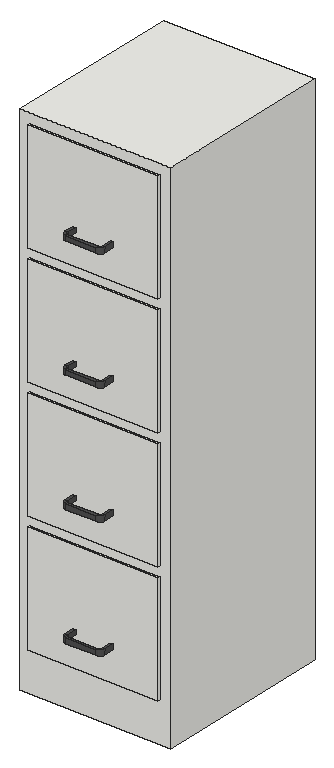
Revit family "c27f87a890c340f7b5e6f9c2adeb0a3b", category Furniture, Revit 2021
Family settings
  OmniClass Number = 23.40.20.24.24
  OmniClass Title = Filing Cabinets
  Seek Item ID = Cabinet-File 4 Drawer-0000-USA-ENU
  Work Plane-Based = No
  Always vertical = Yes
  Cut with Voids When Loaded = No
  Shared = No
  Room Calculation Point = No
Parameters (values of type "15" x 18"")
  Default Elevation = 0' - 0"
  Assembly Code = "E2020200"
  Cabinet Material = Steel, Paint Finish, Ivory, Glossy
  Depth = 1' - 6"
  Handle Material = Steel, Chrome Plated
  Height = 4' - 4"
  Width = 1' - 3"
Types (7): name | Depth | Height | Width
  (no name) | 1' - 6" | 4' - 4" | 1' - 3"
  15" x 18" | 1' - 6" | 4' - 4" | 1' - 3"
  15" x 25" | 2' - 1" | 4' - 4" | 1' - 3"
  15" x 29" | 2' - 5" | 4' - 4" | 1' - 3"
  18" x 29" | 2' - 5" | 4' - 4" | 1' - 6"
  36" x 15" Lat. | 1' - 3" | 4' - 5" | 3' - 0"
  36" x 18" Lat. | 1' - 6" | 4' - 5" | 3' - 0"
Reference planes (in)
  plane 1 "Center (Front/Back)": y = -5.59584
  plane 2: z = 0
  plane 3 "Center (Left/Right)": x = -5.03529
  plane 4: x = 2.46471
  plane 5: x = -12.53529
  plane 6: y = 3.40416
  plane 7: y = -14.59584
  plane 8: z = 52
  plane 9: y = -14.84584
Forms (in)
  Extrusion 1, solid, material "Steel, Paint Finish, Ivory, Glossy" <- "Cabinet Material"
    sketch origin (0, 3.40416, 0) x (1, 0, 0) y (0, 0, 1)
      loop
        line (-11.53529, 51) -> (-11.53529, 40) -> (1.46471, 40) -> (1.46471, 51) -> (-11.53529, 51)
      loop
        line (-11.53529, 28) -> (1.46471, 28) -> (1.46471, 39) -> (-11.53529, 39) -> (-11.53529, 28)
      loop
        line (-11.53529, 27) -> (-11.53529, 16) -> (1.46471, 16) -> (1.46471, 27) -> (-11.53529, 27)
      loop
        line (-11.53529, 15) -> (-11.53529, 4) -> (1.46471, 4) -> (1.46471, 15) -> (-11.53529, 15)
    from 18 to 18.25
  Extrusion 2, solid, material "Steel, Paint Finish, Ivory, Glossy" <- "Cabinet Material"
    sketch origin (0, 0, 0) x (1, 0, 0) y (0, 1, 0)
      loop
        line (-12.53529, 3.40416) -> (-12.53529, -14.59584) -> (2.46471, -14.59584) -> (2.46471, 3.40416) -> (-12.53529, 3.40416)
    from 0 to 52
  Sweep 3, solid, material "Steel, Chrome Plated" <- "Handle Material"
    path origin (0, 0, 0) x (1, 0, 0) y (0, 1, 0)
      loop
        line (-7.03529, -14.84584) -> (-7.03529, -15.84584)
        arc (-7.03529, -15.84584) -> (-6.88885, -16.19939) -> (-6.53529, -16.34584) r 0.5
        line (-6.53529, -16.34584) -> (-3.53529, -16.34584)
        arc (-3.53529, -16.34584) -> (-3.18174, -16.19939) -> (-3.03529, -15.84584) r 0.5
        line (-3.03529, -15.84584) -> (-3.03529, -14.84584)
    profile origin (0, -15.34584, 0) x (1, 0, 0) y (0, 0, 1)
      loop
        line (-7.03529, 7) -> (-6.78529, 7) -> (-6.78529, 7.5) -> (-7.03529, 7.5) -> (-7.03529, 7)
      loop
        line (-7.03529, 19) -> (-6.78529, 19) -> (-6.78529, 19.5) -> (-7.03529, 19.5) -> (-7.03529, 19)
      loop
        line (-7.03529, 31) -> (-6.78529, 31) -> (-6.78529, 31.5) -> (-7.03529, 31.5) -> (-7.03529, 31)
      loop
        line (-7.03529, 43) -> (-6.78529, 43) -> (-6.78529, 43.5) -> (-7.03529, 43.5) -> (-7.03529, 43)
Lines and regions (in)
  Masking region 1
    outline origin (0, 0, 0) x (1, 0, 0) y (0, 1, 0)
      loop
        line (-12.53529, 3.40416) -> (-12.53529, -14.59584) -> (2.46471, -14.59584) -> (2.46471, 3.40416) -> (-12.53529, 3.40416)
  Masking region 2
    outline origin (0, 0, 0) x (1, 0, 0) y (0, 1, 0)
      loop
        line (-11.53529, -14.59584) -> (-11.53529, -14.84584) -> (1.46471, -14.84584) -> (1.46471, -14.59584) -> (-11.53529, -14.59584)
  symbolic lines
    curve 1: line (-6.78529, -15.84584, 0) -> (-6.78529, -14.84584, 0)
    curve 2: line (-3.53529, -16.09584, 0) -> (-6.53529, -16.09584, 0)
    curve 3: line (-3.28529, -14.84584, 0) -> (-3.28529, -15.84584, 0)
    curve 4: arc (-3.53529, -16.09584, 0) -> (-3.35852, -16.02262, 0) -> (-3.28529, -15.84584, 0) r 0.25
    curve 5: arc (-6.78529, -15.84584, 0) -> (-6.71207, -16.02262, 0) -> (-6.53529, -16.09584, 0) r 0.25
Dimensions and locks (in)
  equal spacing: plane 5, plane 3 "Center (Left/Right)", plane 4
  equal spacing: plane 7, plane 1 "Center (Front/Back)", plane 6
  "Width": plane 5 to plane 4
  "Depth": plane 7 to plane 6
  "Height": plane 8 to plane 2
  plane 7 to plane 9 = 0' - 0 1/4"
  aligned and locked: plane 7 to Extrusion 1
  aligned and locked: Extrusion 1 to plane 9
  aligned and locked: Extrusion 2 to plane 8
  aligned and locked: Extrusion 2 to level
  aligned and locked: plane 4 to Masking region 1 sketch curve
  aligned and locked: plane 6 to Masking region 1 sketch curve
  aligned and locked: Masking region 1 sketch curve to plane 5
  aligned and locked: plane 7 to Masking region 1 sketch curve
  aligned and locked: plane 9 to Masking region 2 sketch curve
  aligned and locked: Masking region 2 sketch curve to plane 7
  aligned and locked: Masking region 2 sketch curve to Extrusion 1  (x2)
  aligned and locked: curve 1 to Sweep 3
  aligned and locked: curve 2 to Sweep 3
  aligned and locked: curve 3 to Sweep 3
  aligned: curve 5 to Sweep 3
Automatic sketch dimensions
  Extrusion 1 sketch curve to plane 5 = 0' - 1"  (x3)
  Extrusion 1 sketch curve to Extrusion 1 sketch curve = 0' - 0"  (x2)
  plane 4 to Extrusion 1 sketch curve = 0' - 1"  (x3)
  level to Extrusion 1 sketch curve = 0' - 4"
  plane 8 to Extrusion 1 sketch curve = 0' - 1"
  Extrusion 1 sketch curve to Extrusion 1 sketch curve = 0' - 11"  (x3)
  Extrusion 1 sketch curve to Extrusion 1 sketch curve = 0' - 1"  (x3)
  Sweep 3 sketch curve to plane 9 = 0' - 0"  (x2)
  plane 9 to Sweep 3 sketch curve = 0' - 1"
  Sweep 3 sketch curve to plane 3 "Center (Left/Right)" = 0' - 2"
  Sweep 3 sketch curve to plane 3 "Center (Left/Right)" = 0' - 1 1/2"
  plane 3 "Center (Left/Right)" to Sweep 3 sketch curve = 0' - 1 1/2"
  Sweep 3 sketch curve to Sweep 3 sketch curve = 0' - 0 1/2"  (x5)
  Sweep 3 sketch curve to profile plane = 0' - 0"  (x4)
  Sweep 3 sketch curve to Sweep 3 sketch curve = 0' - 0 1/4"  (x4)
  level to Sweep 3 sketch curve = 0' - 7"
  Sweep 3 sketch curve to Sweep 3 sketch curve = 0' - 11 1/2"  (x3)
  Extrusion 2 sketch curve to plane 6 = 0' - 0"
  Extrusion 2 sketch curve to plane 4 = 0' - 0"
  Extrusion 2 sketch curve to plane 5 = 0' - 0"
  Extrusion 2 sketch curve to plane 7 = 0' - 0"
  curve 1 to plane 9 = 0' - 0"
  curve 3 to plane 9 = 0' - 0"
  curve 2 to curve 3 = 0' - 0 1/4"
  curve 1 to curve 5 = 0' - 0 1/4"
